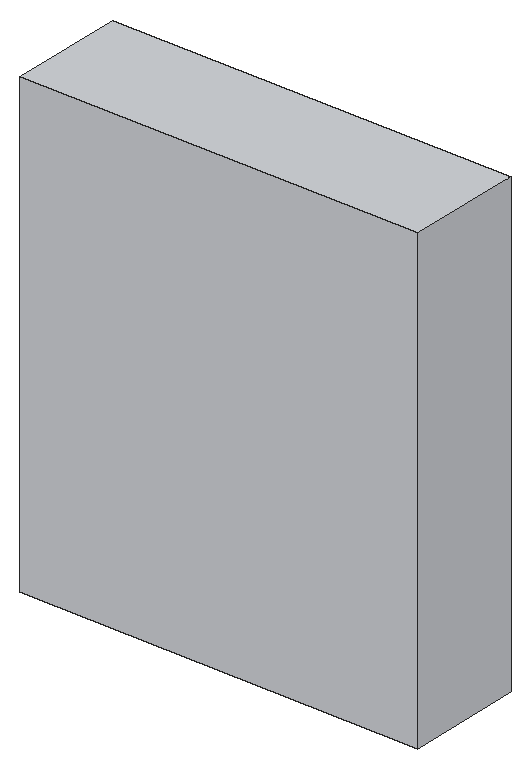
Revit family "Conexão de telefonia_M", category Terreno, Revit 2019
Family settings
  Hospedeiro = Parede
  Cota do conector redondo = Utilizar diâmetro
  Tipo de parte = Normal
  ID de item do Seek = Telephone Connection-0000-CAN-ENU
  Sempre na vertical = Sim
  Corte com vazios quando carregada = Não
  Compartilhado = Não
Parameters (values of type "Padrão")
  Largura = 145 mm
  Comprimento = 500 mm
  Altura da instalação = 1200 mm
  Altura = 580 mm
Reference planes
  plane 1: y = 0
  plane 2 "Centro (Esquerda/Direita)": x = 0
  plane 3 "Aresta da parede": y = 76.2
  plane 4: z = 1200
  plane 5: z = 1780
  plane 6: x = 250
  plane 7: x = -250
  plane 8: y = 221.2
Forms (mm)
  Extrusion 1, solid
    sketch origin (0, 0, 0) x (0, 1, 0) y (0, 0, 1)
      loop
        line (221.2, 1780) -> (76.2, 1780) -> (76.2, 1200) -> (221.2, 1200) -> (221.2, 1780)
    from -250 to 250
Text (mm)
  text "Lado da colocação" at (0, 1019.848, 3124.603), in view "Direita"
  text "Lado da colocação" at (-1787.662, 723.012, 0), in view "Nível de referência"
  text "Lado da colocação" at (0, 2073.289, 3571.227), in view "Esquerda"
Dimensions and locks
  locked: plane 3 "Aresta da parede" to host wall
  "Altura da instalação": plane 4 to level
  "Altura": plane 5 to plane 4
  equal spacing: plane 7, plane 2 "Centro (Esquerda/Direita)", plane 6
  "Comprimento": plane 7 to plane 6
  "Largura": plane 8 to plane 3 "Aresta da parede"
  aligned and locked: plane 8 to Extrusion 1 sketch curve
  aligned and locked: plane 5 to Extrusion 1 sketch curve
  aligned and locked: plane 4 to Extrusion 1 sketch curve
  aligned and locked: Extrusion 1 sketch curve to host wall
  aligned and locked: plane 7 to Extrusion 1
  aligned and locked: Extrusion 1 to plane 6
  aligned and locked: plane 5 to Extrusion 1
  aligned and locked: Extrusion 1 to plane 4
Connectors
  electrical at (250, 148.7, 1490)
    settings: on Extrusion 1, index 1, voltage 0 V, apparent load 0 VA, apparent load phase1 0 VA, apparent load phase2 0 VA, apparent load phase3 0 VA, power factor 1, load classification "Outros", number of poles 1, system type 9, power factor state 1, is connector primary yes, connector utility yes, sub classification motor no, connector description "Telefone"
  electrical at (-250, 148.7, 1490)
    settings: on Extrusion 1, index 2, voltage 0 V, apparent load 0 VA, apparent load phase1 0 VA, apparent load phase2 0 VA, apparent load phase3 0 VA, power factor 1, load classification "Outros", number of poles 1, system type 9, power factor state 1, is connector primary no, connector utility no, sub classification motor no, connector description "Telefone"
